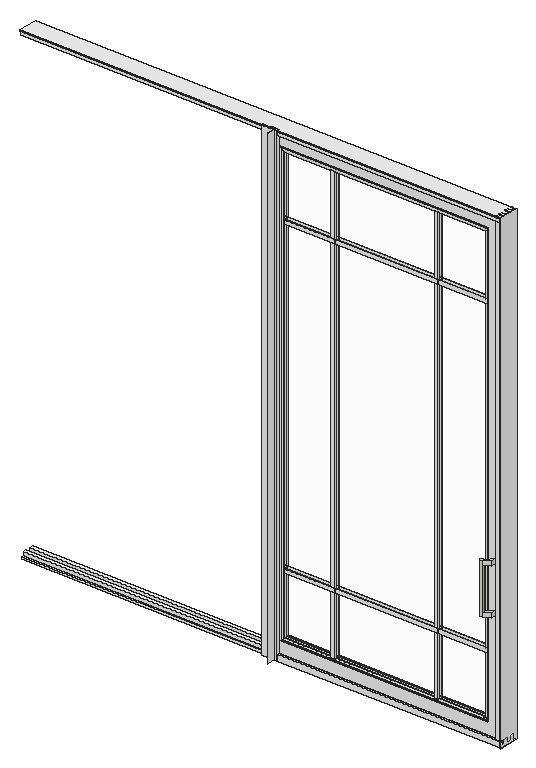
Revit family "Sliding_Glass-Pocket-PGT-Aluminum_Preferred-SGD770-Xd", category Doors, host Wall, Revit 2015 (continued)
Definition of nested family "SGD Door Panel Detail"
  Dimensions and locks (in)
    equal spacing: plane 4, plane 3 "Center (Left/Right)", plane 5
    "Panel Width": plane 4 to plane 5
    Masking region 1 sketch curve to Masking region 1 sketch curve to Masking region 1 sketch curve to Masking region 1 sketch curve to Masking region 1 sketch curve to Masking region 1 sketch curve = 0.22753" locked, 0" locked, 2.75623" locked, 0.13401" locked, 0.1294" locked
    Masking region 1 sketch curve to Masking region 1 sketch curve to Masking region 1 sketch curve to Masking region 1 sketch curve to Masking region 1 sketch curve to Masking region 1 sketch curve = 0.22753" locked, 0.03588" locked, 1.11288" locked, 0.09813" locked, 0.1294" locked
    Masking region 1 sketch curve to Masking region 1 sketch curve to Masking region 1 sketch curve to Masking region 1 sketch curve to Masking region 1 sketch curve to Masking region 1 sketch curve = 0.22753" locked, 0" locked, 2.7553" locked, 0.13084" locked, 0.1335" locked
    Masking region 1 sketch curve to Masking region 1 sketch curve to Masking region 1 sketch curve to Masking region 1 sketch curve to Masking region 1 sketch curve to Masking region 1 sketch curve = 0.22753" locked, 0.03681" locked, 1.11195" locked, 0.09403" locked, 0.1335" locked
    locked: plane 4 to Masking region 1 sketch curve at 3.24717
    locked: Masking region 1 sketch curve to plane 5 at 3.24717
    Masking region 1 sketch curve to Masking region 1 sketch curve to plane 1 "Center (Front/Back)" = 0" locked, 0.80191" locked
    locked: plane 1 "Center (Front/Back)" to Masking region 4 sketch curve at 0.50891
    "Glass Thickness": Masking region 4 sketch curve to Masking region 4 sketch curve
    locked: plane 4 to Masking region 4 sketch curve at 3.43473
    locked: Masking region 4 sketch curve to plane 5 at 3.43473
    Masking region 5 sketch curve to Masking region 5 sketch curve to Masking region 5 sketch curve to Masking region 5 sketch curve to plane 5 = 0.045" locked, 0.89523" locked, 0.06851" locked, 3.11295" locked
    plane 4 to Masking region 5 sketch curve to Masking region 5 sketch curve to Masking region 5 sketch curve to Masking region 5 sketch curve = 3.11295" locked, 0.06851" locked, 0.89523" locked, 0.045" locked
    Masking region 5 sketch curve to Masking region 5 sketch curve to Masking region 5 sketch curve to Masking region 5 sketch curve to Masking region 5 sketch curve to Masking region 5 sketch curve to plane 1 "Center (Front/Back)" = 0" locked, 0.045" locked, 0" locked, 0.24776" locked, 0" locked, 0.35553" locked
    plane 4 to Masking region 2 sketch curve to Masking region 2 sketch curve to Masking region 2 sketch curve to Masking region 2 sketch curve to Masking region 2 sketch curve to Masking region 2 sketch curve to Masking region 2 sketch curve to Masking region 2 sketch curve to Masking region 2 sketch curve to Masking region 2 sketch curve to Masking region 2 sketch curve to Masking region 2 sketch curve to Masking region 2 sketch curve to Masking region 2 sketch curve to Masking region 2 sketch curve to Masking region 2 sketch curve to Masking region 2 sketch curve to Masking region 2 sketch curve = 0" locked, 0" locked, 0.22753" locked, 0" locked, 0.22855" locked, 0" locked, 0.7679" locked, 1.75885" locked, 0.13012" locked, 0.00072" locked, 0.06544" locked, 0.04363" locked, 0.02034" locked, 0.0041" locked, 0.26096" locked, 0.11968" locked, 0.40144" locked, 0.09251" locked
    Masking region 2 sketch curve to Masking region 2 sketch curve to Masking region 2 sketch curve to Masking region 2 sketch curve to Masking region 2 sketch curve to Masking region 2 sketch curve to Masking region 2 sketch curve to Masking region 2 sketch curve to plane 1 "Center (Front/Back)" to Masking region 2 sketch curve to Masking region 2 sketch curve to Masking region 2 sketch curve to Masking region 2 sketch curve to Masking region 2 sketch curve to Masking region 2 sketch curve to Masking region 2 sketch curve to Masking region 2 sketch curve to Masking region 2 sketch curve to Masking region 2 sketch curve = 0.06463" locked, 0.06549" locked, 0.08439" locked, 0.01302" locked, 0.01142" locked, 0.03565" locked, 0.18732" locked, 0.33998" locked, 0.50891" locked, 0.01839" locked, 0.02593" locked, 0.01469" locked, 0.00646" locked, 0.00506" locked, 0.05947" locked, 0.0336" locked, 0.06477" locked, 0.06463" locked
    Masking region 2 sketch curve to Masking region 2 sketch curve to Masking region 2 sketch curve to Masking region 2 sketch curve to Masking region 2 sketch curve to Masking region 2 sketch curve to plane 1 "Center (Front/Back)" to Masking region 2 sketch curve to Masking region 2 sketch curve to Masking region 2 sketch curve to Masking region 2 sketch curve to Masking region 2 sketch curve to Masking region 2 sketch curve to Masking region 2 sketch curve to Masking region 2 sketch curve to Masking region 2 sketch curve = 0.13012" locked, 0.08439" locked, 0.01302" locked, 0.01142" locked, 0.22298" locked, 0.33998" locked, 0.50891" locked, 0.03094" locked, 0.01339" locked, 0.01469" locked, 0.00646" locked, 0.00506" locked, 0.05947" locked, 0.0336" locked, 0.1294" locked
    Masking region 2 sketch curve to Masking region 2 sketch curve to Masking region 2 sketch curve to Masking region 2 sketch curve to Masking region 2 sketch curve to Masking region 2 sketch curve to Masking region 2 sketch curve to Masking region 2 sketch curve to Masking region 2 sketch curve to Masking region 2 sketch curve to Masking region 2 sketch curve to Masking region 2 sketch curve to Masking region 2 sketch curve to plane 5 to Masking region 2 sketch curve = 0.09251" locked, 0.40144" locked, 0.11968" locked, 0.26096" locked, 0.0041" locked, 0.02034" locked, 0.04363" locked, 0.06544" locked, 0.00072" locked, 0.13012" locked, 2.7553" locked, 0" locked, 0.22753" locked, 0" locked
    Masking region 3 sketch curve to Masking region 3 sketch curve to Masking region 3 sketch curve to Masking region 3 sketch curve to Masking region 3 sketch curve to Masking region 3 sketch curve to plane 1 "Center (Front/Back)" = 0.0408" locked, 0.04112" locked, 0.05876" locked, 0.2009" locked, 0.22753" locked, 0.57438" locked
    Masking region 3 sketch curve to Masking region 3 sketch curve to Masking region 3 sketch curve to Masking region 3 sketch curve to Masking region 3 sketch curve to Masking region 3 sketch curve to Masking region 3 sketch curve to Masking region 3 sketch curve to plane 5 to Masking region 3 sketch curve = 0.0157" locked, 0.00426" locked, 0.16065" locked, 0.59836" locked, 0.09451" locked, 0.79107" locked, 0.08686" locked, 0.14067" locked, 0" locked
    Masking region 6 sketch curve to Masking region 6 sketch curve to Masking region 6 sketch curve to Masking region 6 sketch curve to Masking region 6 sketch curve to Masking region 6 sketch curve to Masking region 6 sketch curve to plane 5 to Masking region 6 sketch curve = 0.00426" locked, 0.16065" locked, 0.59836" locked, 0.09451" locked, 0.79107" locked, 0.08686" locked, 0.14067" locked, 0" locked
    aligned and locked: Masking region 4 to Masking region 5 sketch curve  (x2)
    aligned and locked: Masking region 2 to curve 1  (x2)
  Automatic sketch dimensions
    curve 1 to plane 1 "Center (Front/Back)" = 0.00891"
    Masking region 2 sketch curve to Masking region 2 sketch curve = 0.03094"
    Masking region 6 sketch curve to Masking region 6 sketch curve = 0.00075"
    Masking region 6 sketch curve to plane 1 "Center (Front/Back)" = 1.10269"
    Masking region 6 sketch curve to Masking region 6 sketch curve = 0.04112"
    Masking region 6 sketch curve to Masking region 6 sketch curve = 0.05876"
    Masking region 6 sketch curve to Masking region 6 sketch curve = 0.2009"
    Masking region 6 sketch curve to Masking region 6 sketch curve = 0.22753"
    Masking region 6 sketch curve to Masking region 6 sketch curve = 0.0201"
Definition of nested family "Handle Detail Only"
  Reference planes (in)
    plane 1 "Center (Front/Back)": y = 0
    plane 2: z = 0
    plane 3 "Center (Left/Right)": x = 0
  Lines and regions (in)
    Masking region 1, in view "Ref. Level", detail levels medium+fine
      outline origin (0, 0, 0) x (1, 0, 0) y (0, 1, 0)
        loop
          arc (-1.19766, -1.93106) -> (-0.50348, -1.37817) -> (0.31643, -1.03861) r 3.1805
          line (0.31643, -1.03861) -> (0.31643, 0) -> (-0.30857, 0) -> (-0.30857, -0.49841)
          arc (-0.30857, -0.49841) -> (-0.33998, -0.60601) -> (-0.42435, -0.67981) r 0.2
          line (-0.42435, -0.67981) -> (-1.8194, -1.32752)
          arc (-1.8194, -1.32752) -> (-2.02657, -1.52416) -> (-2.07266, -1.80606) r 0.4477
          line (-2.07266, -1.80606) -> (-1.94766, -1.93106) -> (-1.19766, -1.93106)
